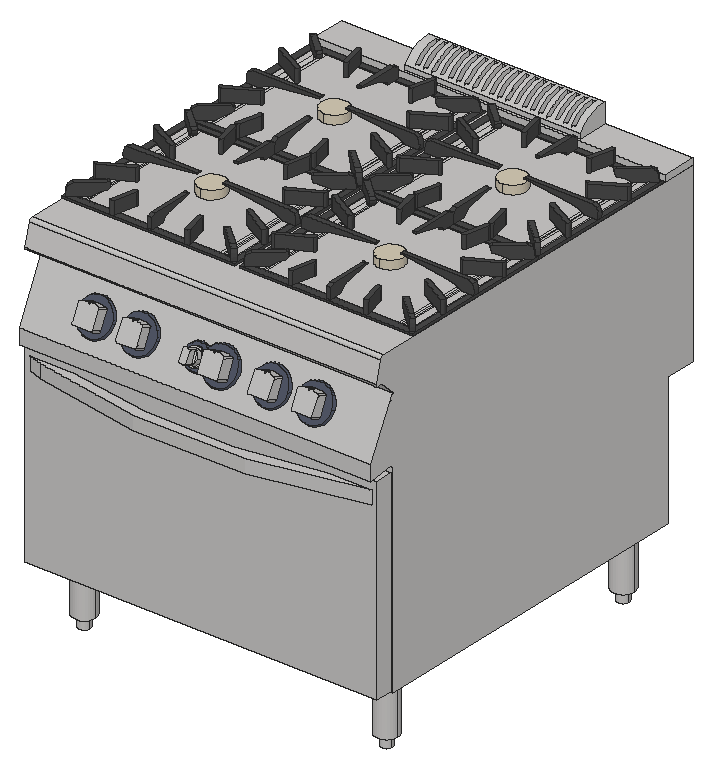
Revit family "QF_ZANUSSI_392004_Z9GCGH4SGL", category Specialty Equipment, Revit 2018 (continued)
Automatic sketch dimensions
  Blend 11 sketch curve to plane 21 = 79.075 mm  (x2)
  Extrusion 12 sketch curve to plane 21 = 56.075 mm
  Extrusion 12 sketch curve to Extrusion 12 sketch curve = 2.997 mm  (x3)
  Extrusion 12 sketch curve to Extrusion 12 sketch curve = 20.003 mm  (x2)
  Extrusion 12 sketch curve to Extrusion 12 sketch curve = 40.005 mm
  Extrusion 12 sketch curve to Extrusion 12 sketch curve = 5.399 mm
  Extrusion 12 sketch curve to Extrusion 12 sketch curve = 40.037 mm
  Extrusion 12 sketch curve to Extrusion 12 sketch curve = 0 mm  (x2)
  Extrusion 14 sketch curve to plane 21 = 61.575 mm
  Extrusion 14 sketch curve to Extrusion 14 sketch curve = 35 mm  (x2)
  Split face 2 sketch curve to Split face 2 sketch curve = 6 mm
  Split face 2 sketch curve to Split face 2 sketch curve = 10 mm
  Split face 3 sketch curve to Split face 3 sketch curve = 5 mm
  Split face 3 sketch curve to Split face 3 sketch curve = 9 mm
  Split face 6 sketch curve to Split face 6 sketch curve = 5 mm
  Split face 7 sketch curve to Split face 7 sketch curve = 5 mm
  Blend 15 sketch curve to plane 7 "Center Y" = 150.05 mm  (x2)
  Extrusion 16 sketch curve to plane 21 = 156.075 mm
  Extrusion 16 sketch curve to Extrusion 16 sketch curve = 2.997 mm  (x3)
  Extrusion 16 sketch curve to Extrusion 16 sketch curve = 20.003 mm  (x2)
  Extrusion 16 sketch curve to Extrusion 16 sketch curve = 40.005 mm
  Extrusion 16 sketch curve to Extrusion 16 sketch curve = 5.399 mm
  Extrusion 16 sketch curve to Extrusion 16 sketch curve = 40.037 mm
  Extrusion 16 sketch curve to Extrusion 16 sketch curve = 0 mm  (x2)
  Extrusion 17 sketch curve to plane 21 = 161.575 mm
  Extrusion 17 sketch curve to Extrusion 17 sketch curve = 35 mm  (x2)
  Split face 9 sketch curve to Split face 9 sketch curve = 6 mm
  Split face 9 sketch curve to Split face 9 sketch curve = 10 mm
  Split face 10 sketch curve to Split face 10 sketch curve = 5 mm
  Split face 10 sketch curve to Split face 10 sketch curve = 9 mm
  Split face 11 sketch curve to Split face 11 sketch curve = 5 mm
  Split face 12 sketch curve to Split face 12 sketch curve = 5 mm
  plane 5 "FRONT" to Extrusion 10 sketch curve = 0 mm  (x2)
  plane 1 "BACK" to Extrusion 10 sketch curve = 0 mm
  Extrusion 10 sketch curve to plane 3 "LEFT" = 0 mm
  Extrusion 10 sketch curve to plane 4 "RIGHT" = 0 mm
  Extrusion 10 sketch curve to plane 3 "LEFT" = 100.013 mm
  Extrusion 10 sketch curve to Extrusion 10 sketch curve = 100.013 mm
  Extrusion 10 sketch curve to plane 1 "BACK" = 100.013 mm
  plane 5 "FRONT" to curve 1 = 0 mm
  curve 169 to plane 3 "LEFT" = 0 mm
  curve 97 to plane 20 = 0 mm
  plane 5 "FRONT" to curve 186 = 0 mm
  plane 5 "FRONT" to curve 187 = 0 mm
  plane 5 "FRONT" to curve 188 = 0 mm
  plane 5 "FRONT" to curve 189 = 0 mm
  plane 5 "FRONT" to curve 190 = 0 mm
  plane 5 "FRONT" to curve 191 = 0 mm
  plane 5 "FRONT" to curve 192 = 0 mm
  plane 17 to curve 10 = 0 mm
  curve 5 to plane 4 "RIGHT" = 0 mm
  curve 2 to plane 3 "LEFT" = 100.013 mm
  plane 5 "FRONT" to curve 94 = 9.347 mm
  curve 94 to plane 21 = 56.075 mm
  curve 95 to curve 95 = 0.809 mm
  curve 98 to curve 98 = 1.583 mm
  curve 95 to curve 96 = 1.846 mm
  curve 95 to curve 109 = 2.189 mm
  curve 94 to curve 97 = 11.892 mm
  curve 100 to plane 20 = 5.671 mm
  curve 98 to curve 100 = 20.417 mm
  curve 99 to plane 21 = 78.206 mm
  curve 99 to curve 108 = 1.738 mm
  curve 100 to curve 101 = 2 mm
  curve 97 to curve 106 = 22.215 mm
  curve 101 to curve 109 = 19.003 mm
  curve 109 to curve 105 = 0.343 mm
  curve 105 to curve 107 = 1.071 mm
  curve 109 to curve 104 = 2.189 mm
  curve 104 to curve 103 = 0.809 mm
  plane 11 to curve 12 = 11.113 mm
  curve 12 to plane 21 = 129.075 mm
  plane 1 "BACK" to curve 93 = 6.761 mm
  curve 11 to curve 93 = 20.698 mm
  plane 5 "FRONT" to curve 110 = 9.347 mm
  curve 103 to curve 110 = 54 mm
  curve 111 to curve 111 = 0.809 mm
  curve 114 to curve 114 = 1.583 mm
  curve 111 to curve 112 = 1.846 mm
  curve 91 to curve 91 = 9.296 mm
  curve 111 to curve 125 = 2.189 mm
  curve 110 to curve 113 = 11.892 mm
  curve 90 to curve 89 = 9.397 mm
  curve 87 to curve 87 = 9.296 mm
  curve 117 to plane 20 = 5.671 mm
  curve 114 to curve 117 = 20.417 mm
  curve 112 to curve 115 = 19.134 mm
  curve 115 to curve 124 = 1.738 mm
  curve 116 to curve 117 = 2 mm
  curve 86 to curve 85 = 9.397 mm
  curve 113 to curve 122 = 22.215 mm
  curve 84 to curve 85 = 9.296 mm
  curve 117 to curve 125 = 19.003 mm
  curve 125 to curve 121 = 0.343 mm
  curve 121 to curve 123 = 1.071 mm
  curve 125 to curve 120 = 2.189 mm
  curve 120 to curve 119 = 0.809 mm
  curve 82 to curve 79 = 9.397 mm
  curve 80 to curve 78 = 9.296 mm
  curve 78 to curve 75 = 9.397 mm
  curve 76 to curve 74 = 9.296 mm
  curve 74 to curve 71 = 9.397 mm
  curve 72 to curve 70 = 9.296 mm
  curve 70 to curve 68 = 9.397 mm
  curve 67 to curve 67 = 9.296 mm
  curve 66 to curve 63 = 9.397 mm
  curve 63 to curve 63 = 9.296 mm
  curve 62 to curve 59 = 9.397 mm
  curve 167 to plane 20 = 1.14 mm
  curve 167 to plane 7 "Center Y" = 29.723 mm
  curve 60 to curve 61 = 9.296 mm
  curve 58 to curve 56 = 9.397 mm
  curve 168 to plane 20 = 1.14 mm
  curve 168 to plane 7 "Center Y" = 10.379 mm
  curve 57 to plane 7 "Center Y" = 1.823 mm
  plane 7 "Center Y" to curve 52 = 7.574 mm
  plane 7 "Center Y" to curve 126 = 11.95 mm
  curve 126 to curve 127 = 0.809 mm
  curve 130 to curve 130 = 1.583 mm
  curve 127 to curve 128 = 1.846 mm
  curve 127 to curve 141 = 2.189 mm
  curve 52 to curve 53 = 9.296 mm
  plane 7 "Center Y" to curve 129 = 23.842 mm
  curve 50 to curve 47 = 9.397 mm
  curve 133 to plane 20 = 5.671 mm
  curve 130 to curve 133 = 20.417 mm
  plane 7 "Center Y" to curve 131 = 34.081 mm
  curve 47 to curve 46 = 9.296 mm
  curve 131 to curve 140 = 1.738 mm
  curve 132 to curve 133 = 2 mm
  curve 46 to curve 45 = 9.397 mm
  curve 129 to curve 138 = 22.215 mm
  curve 43 to curve 42 = 9.296 mm
  curve 133 to curve 141 = 19.003 mm
  curve 137 to curve 137 = 0.343 mm
  curve 137 to curve 139 = 1.071 mm
  curve 141 to curve 136 = 2.189 mm
  curve 136 to curve 135 = 0.809 mm
  curve 42 to curve 41 = 9.397 mm
  curve 40 to curve 38 = 9.296 mm
  curve 38 to curve 36 = 9.397 mm
  curve 35 to curve 34 = 9.296 mm
  curve 34 to curve 33 = 9.397 mm
  curve 32 to curve 30 = 9.296 mm
  curve 30 to curve 28 = 9.397 mm
  plane 5 "FRONT" to curve 170 = 9.347 mm
  curve 135 to curve 170 = 69.1 mm
  curve 170 to curve 171 = 0.809 mm
  curve 174 to curve 174 = 1.583 mm
  curve 27 to curve 27 = 9.296 mm
  curve 171 to curve 172 = 1.846 mm
  curve 171 to curve 185 = 2.189 mm
  curve 26 to curve 24 = 9.397 mm
  curve 170 to curve 173 = 11.892 mm
  curve 23 to curve 23 = 9.296 mm
  curve 176 to plane 20 = 5.671 mm
  curve 174 to curve 176 = 20.417 mm
  curve 172 to curve 175 = 19.134 mm
  curve 175 to curve 184 = 1.738 mm
  curve 176 to curve 177 = 2 mm
  curve 22 to curve 19 = 9.397 mm
  curve 173 to curve 182 = 22.215 mm
  curve 20 to curve 21 = 9.296 mm
  curve 177 to curve 185 = 19.003 mm
  curve 185 to curve 181 = 0.343 mm
  curve 181 to curve 183 = 1.071 mm
  curve 185 to curve 180 = 2.189 mm
  curve 180 to curve 179 = 0.809 mm
  curve 18 to curve 16 = 9.397 mm
  curve 16 to curve 14 = 9.296 mm
  curve 14 to curve 12 = 14.847 mm
  plane 5 "FRONT" to curve 142 = 9.347 mm
  curve 179 to curve 142 = 53.897 mm
  curve 142 to curve 143 = 0.809 mm
  curve 146 to curve 146 = 1.583 mm
  curve 143 to curve 144 = 1.846 mm
  curve 143 to curve 157 = 2.189 mm
  curve 142 to curve 145 = 11.892 mm
  curve 148 to plane 20 = 5.671 mm
  curve 146 to curve 148 = 20.417 mm
  curve 157 to curve 147 = 19.134 mm
  curve 147 to curve 156 = 1.738 mm
  curve 148 to curve 150 = 2 mm
  curve 145 to curve 154 = 22.215 mm
  curve 149 to curve 157 = 19.003 mm
  curve 153 to curve 153 = 0.343 mm
  curve 153 to curve 155 = 1.071 mm
  curve 157 to curve 152 = 2.189 mm
  curve 152 to curve 151 = 0.809 mm
  plane 4 "RIGHT" to curve 10 = 0.1 mm
  curve 2 to plane 4 "RIGHT" = 100.013 mm
  curve 156 to curve 143 = 88.173 mm
  curve 147 to curve 156 = 0 mm
  curve 124 to curve 111 = 88.173 mm
  plane 5 "FRONT" to curve 140 = 97.519 mm
  curve 131 to curve 140 = 0 mm
  curve 115 to curve 124 = 0 mm
  curve 99 to curve 95 = 88.173 mm
  curve 184 to curve 171 = 88.173 mm
  curve 99 to curve 108 = 0 mm
  curve 175 to curve 184 = 0 mm
  plane 5 "FRONT" to curve 109 = 10.68 mm
  plane 5 "FRONT" to curve 141 = 10.68 mm
  curve 125 to curve 111 = 1.333 mm
  plane 5 "FRONT" to curve 185 = 10.68 mm
  plane 5 "FRONT" to curve 157 = 10.68 mm
  curve 157 to curve 151 = 1.333 mm
  curve 125 to curve 119 = 1.333 mm
  curve 185 to curve 179 = 1.333 mm
  curve 141 to curve 136 = 1.333 mm
  curve 141 to curve 127 = 1.333 mm
  curve 109 to curve 104 = 1.333 mm
  curve 127 to curve 128 = 2.779 mm
  curve 136 to curve 137 = 2.779 mm
  curve 143 to curve 144 = 2.779 mm
  curve 152 to curve 153 = 2.779 mm
  curve 171 to curve 172 = 2.779 mm
  curve 111 to curve 112 = 2.779 mm
  curve 180 to curve 181 = 2.779 mm
  curve 95 to curve 96 = 2.779 mm
  curve 104 to curve 105 = 2.779 mm
  curve 120 to curve 121 = 2.779 mm
  curve 123 to plane 20 = 7.106 mm
  curve 130 to plane 20 = 7.106 mm
  curve 183 to plane 20 = 7.106 mm
  curve 139 to plane 20 = 7.106 mm
  curve 114 to plane 20 = 7.106 mm
  curve 98 to plane 20 = 7.106 mm
  curve 107 to plane 20 = 7.106 mm
  curve 146 to plane 20 = 7.106 mm
  curve 155 to plane 20 = 7.106 mm
  curve 174 to plane 20 = 7.106 mm
  plane 20 to curve 145 = 36.239 mm
  plane 20 to curve 122 = 36.239 mm
  plane 20 to curve 106 = 36.239 mm
  curve 145 to curve 154 = 0 mm
  curve 113 to curve 122 = 0 mm
  plane 20 to curve 182 = 36.239 mm
  curve 97 to curve 106 = 0 mm
  plane 20 to curve 129 = 36.239 mm
  curve 173 to curve 182 = 0 mm
  curve 129 to curve 138 = 0 mm
  plane 11 to curve 70 = 17.052 mm
  plane 11 to curve 55 = 17.052 mm
  plane 11 to curve 82 = 17.052 mm
  plane 11 to curve 43 = 17.052 mm
  curve 58 to curve 55 = 0 mm
  curve 82 to curve 80 = 0 mm
  curve 42 to curve 40 = 0 mm
  curve 12 to curve 14 = 5.939 mm
  curve 62 to curve 59 = 0 mm
  plane 11 to curve 92 = 17.052 mm
  curve 38 to curve 36 = 0 mm
  curve 18 to curve 15 = 0 mm
  curve 78 to curve 76 = 0 mm
  curve 46 to curve 43 = 0 mm
  curve 54 to curve 52 = 0 mm
  curve 34 to curve 32 = 0 mm
  curve 66 to curve 63 = 0 mm
  curve 22 to curve 19 = 0 mm
  curve 90 to curve 88 = 0 mm
  curve 30 to curve 28 = 0 mm
  plane 1 "BACK" to curve 70 = 6.761 mm
  plane 1 "BACK" to curve 26 = 6.761 mm
  plane 1 "BACK" to curve 69 = 6.761 mm
  plane 1 "BACK" to curve 49 = 6.761 mm
  plane 1 "BACK" to curve 86 = 6.761 mm
  plane 1 "BACK" to curve 25 = 6.761 mm
  plane 1 "BACK" to curve 30 = 6.761 mm
  plane 1 "BACK" to curve 50 = 6.761 mm
  plane 1 "BACK" to curve 65 = 6.761 mm
  plane 1 "BACK" to curve 74 = 6.761 mm
  plane 1 "BACK" to curve 21 = 6.761 mm
  plane 1 "BACK" to curve 45 = 6.761 mm
  plane 1 "BACK" to curve 17 = 6.761 mm
  plane 1 "BACK" to curve 78 = 6.761 mm
  plane 1 "BACK" to curve 85 = 6.761 mm
  plane 1 "BACK" to curve 36 = 6.761 mm
  plane 1 "BACK" to curve 61 = 6.761 mm
  plane 1 "BACK" to curve 38 = 6.761 mm
  plane 1 "BACK" to curve 57 = 6.761 mm
  curve 1 to plane 1 "BACK" = 100.013 mm
  curve 97 to curve 94 = 9.809 mm
  curve 99 to curve 98 = 0.284 mm
  curve 107 to curve 107 = 0.284 mm
  curve 103 to curve 106 = 9.809 mm
  curve 113 to curve 110 = 9.809 mm
  curve 114 to curve 114 = 0.284 mm
  curve 123 to curve 124 = 0.284 mm
  curve 119 to curve 122 = 9.809 mm
  curve 167 to curve 167 = 1.229 mm
  curve 167 to curve 188 = 1.675 mm
  curve 167 to plane 20 = 1.224 mm
  curve 189 to plane 7 "Center Y" = 12.097 mm
  curve 168 to curve 168 = 1.675 mm
  curve 168 to curve 168 = 0.445 mm
  plane 7 "Center Y" to curve 129 = 2.141 mm
  curve 131 to curve 130 = 0.284 mm
  curve 139 to curve 139 = 0.284 mm
  curve 135 to curve 138 = 9.809 mm
  curve 173 to curve 170 = 9.809 mm
  curve 175 to curve 174 = 0.284 mm
  curve 183 to curve 183 = 0.284 mm
  curve 179 to curve 182 = 9.809 mm
  curve 145 to curve 142 = 9.809 mm
  curve 147 to curve 146 = 0.284 mm
  curve 155 to curve 155 = 0.284 mm
  curve 151 to curve 154 = 9.809 mm
  curve 3 to plane 5 "FRONT" = 0.396 mm
  curve 10 to plane 5 "FRONT" = 1.275 mm
  curve 107 to curve 107 = 0.567 mm
  curve 183 to curve 183 = 0.567 mm
  curve 174 to curve 174 = 0.567 mm
  curve 98 to curve 98 = 0.567 mm
  curve 114 to curve 114 = 0.567 mm
  curve 139 to curve 139 = 0.567 mm
  curve 123 to curve 123 = 0.567 mm
  curve 155 to curve 155 = 0.567 mm
  curve 146 to curve 146 = 0.567 mm
  curve 130 to curve 130 = 0.567 mm
  plane 11 to curve 7 = 4.762 mm
  curve 13 to curve 12 = 3.676 mm
  Extrusion 33 sketch curve to plane 20 = 0 mm
  Extrusion 33 sketch curve to plane 17 = 0.028 mm
  plane 9 to Extrusion 33 sketch curve = 6.461 mm
  plane 20 to Extrusion 33 sketch curve = 36.025 mm
  plane 9 to Extrusion 33 sketch curve = 5 mm
  Extrusion 34 sketch curve to Extrusion 34 sketch curve = 0 mm  (x6)
  Extrusion 34 sketch curve to plane 20 = 0 mm  (x2)
  plane 4 "RIGHT" to Extrusion 34 sketch curve = 10.1 mm
  Extrusion 34 sketch curve to plane 19 = 47.705 mm
  Extrusion 34 sketch curve to plane 7 "Center Y" = 0.05 mm
  Extrusion 34 sketch curve to plane 1 "BACK" = 337.5 mm
  Extrusion 34 sketch curve to plane 5 "FRONT" = 4.65 mm
  curve 193 to plane 1 "BACK" = 337.5 mm
  curve 193 to plane 13 = 5.252 mm
  curve 193 to curve 194 = 0 mm  (x2)
  curve 194 to plane 7 "Center Y" = 0.05 mm
  curve 111 to curve 194 = 1.161 mm
  curve 112 to curve 195 = 16.272 mm
  curve 179 to curve 196 = 1.175 mm
  Extrusion 1 sketch curve to plane 5 "FRONT" = 0 mm
  Extrusion 1 sketch curve to plane 20 = 0 mm
  Extrusion 1 sketch curve to plane 1 "BACK" = 0 mm
  plane 20 to Extrusion 1 sketch curve = 0.116 mm
  plane 20 to Extrusion 1 sketch curve = 3 mm
  plane 20 to Extrusion 1 sketch curve = 13.167 mm
  Extrusion 1 sketch curve to Extrusion 1 sketch curve = 10.198 mm
  Extrusion 1 sketch curve to plane 12 = 0.775 mm
  Extrusion 1 sketch curve to Extrusion 1 sketch curve = 7.474 mm
  plane 20 to Extrusion 1 sketch curve = 40 mm
  Extrusion 1 sketch curve to Extrusion 1 sketch curve = 1.355 mm
  Extrusion 1 sketch curve to Extrusion 1 sketch curve = 0.445 mm
  Extrusion 1 sketch curve to Extrusion 1 sketch curve = 5 mm
  Extrusion 1 sketch curve to Extrusion 1 sketch curve = 31.82 mm  (x2)
  plane 9 to Extrusion 1 sketch curve = 5 mm
  Extrusion 1 sketch curve to Extrusion 1 sketch curve = 242.526 mm
  Extrusion 1 sketch curve to Extrusion 1 sketch curve = 5.508 mm
  Extrusion 1 sketch curve to Extrusion 1 sketch curve = 10.259 mm
  Extrusion 1 sketch curve to Extrusion 1 sketch curve = 35 mm
  Extrusion 1 sketch curve to Extrusion 1 sketch curve = 81.162 mm
  Extrusion 1 sketch curve to Extrusion 1 sketch curve = 3 mm
  plane 11 to Extrusion 1 sketch curve = 9.963 mm
  plane 9 to Extrusion 1 sketch curve = 300 mm
  Extrusion 1 sketch curve to plane 9 = 0 mm
  curve 193 to curve 195 = 0 mm  (x2)
  curve 193 to curve 196 = 0 mm  (x2)
  radius of Blend 19 sketch curve = 42.5 mm
  radius of Blend 19 sketch curve = 40.5 mm
  radius of Split face 17 sketch curve = 3 mm
  radius of Split face 20 sketch curve = 1.5 mm
  radius of Split face 21 sketch curve = 3.497 mm
  radius of Split face 24 sketch curve = 2.029 mm
  radius of Blend 23 sketch curve = 42.5 mm
  radius of Blend 23 sketch curve = 40.5 mm
  radius of Split face 29 sketch curve = 2.029 mm
  radius of Split face 30 sketch curve = 3 mm
  radius of Split face 31 sketch curve = 1.5 mm
  radius of Split face 32 sketch curve = 3.497 mm
  radius of Extrusion 28 sketch curve = 20 mm
  radius of Split face 33 sketch curve = 1 mm
  radius of Split face 34 sketch curve = 1 mm
  radius of Split face 35 sketch curve = 1 mm
  radius of Split face 36 sketch curve = 1 mm
  radius of Split face 37 sketch curve = 1 mm
  radius of Split face 38 sketch curve = 1 mm
  radius of Split face 39 sketch curve = 1 mm
  radius of Split face 40 sketch curve = 1 mm
  radius of Split face 41 sketch curve = 1 mm
  radius of Split face 42 sketch curve = 1 mm
  radius of Split face 43 sketch curve = 1 mm
  radius of Split face 44 sketch curve = 1 mm
  radius of Split face 45 sketch curve = 1 mm
  radius of Split face 46 sketch curve = 1 mm
  radius of Split face 47 sketch curve = 1 mm
  radius of Split face 48 sketch curve = 1 mm
  radius of Split face 49 sketch curve = 1 mm
  radius of Split face 50 sketch curve = 1 mm
  radius of Split face 51 sketch curve = 1 mm
  radius of Split face 52 sketch curve = 1 mm
  radius of Split face 53 sketch curve = 1 mm
  radius of Split face 54 sketch curve = 1 mm
  radius of Split face 55 sketch curve = 1 mm
  radius of Split face 56 sketch curve = 1 mm
  radius of Split face 57 sketch curve = 1.508 mm
  radius of Split face 58 sketch curve = 1.343 mm
  radius of Extrusion 31 sketch curve = 16 mm
  radius of Blend 11 sketch curve = 42.5 mm
  radius of Blend 11 sketch curve = 40.5 mm
  radius of Split face 1 sketch curve = 3 mm
  radius of Split face 4 sketch curve = 1.5 mm
  radius of Split face 5 sketch curve = 3.497 mm
  radius of Split face 8 sketch curve = 2.029 mm
  radius of Blend 15 sketch curve = 42.5 mm
  radius of Blend 15 sketch curve = 40.5 mm
  radius of Split face 13 sketch curve = 2.029 mm
  radius of Split face 14 sketch curve = 3 mm
  radius of Split face 15 sketch curve = 1.5 mm
  radius of Split face 16 sketch curve = 3.497 mm
  radius of Extrusion 9 sketch curve = 6.4 mm  (x2)
Nested families
  nested 1: "QF_392004_BURNER" at (393.7, -440.481, 0) x (-1, 0, 0) z (0, 0, 1), type "QF_392004_BURNER"
    with Type Mark "", Status "", Specification by User "", Revision Code "", Item Number "", Installed By "", Identify Quantity as Lot yes, Furnished By "", Foodservice Equipment Identifier yes
  nested 2: "QF_392004_BURNER" at (393.7, -440.481, 0) x (-1, 0, 0) z (0, 0, 1), type "QF_392004_BURNER"
    with Type Mark "", Status "", Specification by User "", Revision Code "", Item Number "", Installed By "", Identify Quantity as Lot yes, Furnished By "", Foodservice Equipment Identifier yes
  nested 3: "QF_392004_BURNER" at (406.4, -440.481, 0), type "QF_392004_BURNER"
    with Type Mark "", Status "", Specification by User "", Revision Code "", Item Number "", Installed By "", Identify Quantity as Lot yes, Furnished By "", Foodservice Equipment Identifier yes
  nested 4: "QF_392004_BURNER" at (406.4, -440.481, 0), type "QF_392004_BURNER"
    with Type Mark "", Status "", Specification by User "", Revision Code "", Item Number "", Installed By "", Identify Quantity as Lot yes, Furnished By "", Foodservice Equipment Identifier yes
Connectors
  piping at (749.3, -665.163, 128.587), diameter 12.8
    settings: on Extrusion 9, index 1, connector inside diameter 0.50394", connector length 0 mm, flow factor 0, pipe flow 0 GPM, pressure drop 0.00 psi, fitting loss kfactor 0, connector angle 0.00°, fixture units 0, engagement length 0 mm, angle of deflection 0.00°, flow configuration 1, flow direction 1, fitting loss method 0, system type 7, joint type 0, gender type 0, connector reference index -1, connector utility 0, adjustable connector no, is connector primary yes, connector description "GAS CONNECTION"
Definition of nested family "QF_392004_BURNER"
  Parameters
    Weight in Pounds = 0
    URL Cutsheet = ""
    URL = "www.electrolux.com"
    Type Mark [instance] = ""
    Status [instance] = ""
    Specification by User [instance] = ""
    Specification by Manufacturer = ""
    Show Clearance [instance] = yes
    Serial Number = ""
    Seismic Rating = ""
    SMACNA No = ""
    Revision Code [instance] = ""
    Omniclass Number and Title = ""
    NAFEM Spec ID Number = ""
    Model = "371009"
    Masterspec = ""
    Manufacturer = "ELECTROLUX"
    Item Number [instance] = ""
    Installed By [instance] = ""
    Identify Quantity as Lot [instance] = yes
    Furnished By [instance] = ""
    Foodservice Equipment Identifier [instance] = yes
    Description = ""
    CSI MasterFormat = ""
    CSI Master Format = ""
  Reference planes
    plane 1 "BACK": y = 0
    plane 2: z = 0
    plane 3 "LEFT": x = 0
    plane 4 "RIGHT": x = 393.7
    plane 5 "FRONT": y = -355.6
    plane 6 "TOP": z = 908.85
    plane 7 "Center Y": x = 196.85
    plane 8 "Center X": y = -177.8
    plane 9 "Base": z = 150
    plane 10: z = 850.85
  Forms (mm)
    Extrusion 1, solid
      sketch origin (-6.433, -404.961, 5) x (1, 0, 0) y (0, 0, -1)
        loop
          arc (7.142, -850.85) -> (6.739, -862.989) -> (9.761, -874.752) r 42.809
          line (9.761, -874.752) -> (19.961, -879.425) -> (173.122, -879.425)
          arc (173.122, -879.425) -> (174.316, -878.312) -> (173.289, -877.043) r 1.197
          line (173.289, -877.043) -> (64.848, -864.021)
          arc (64.848, -864.021) -> (50.111, -858.738) -> (36.589, -850.85) r 85.245
          line (36.589, -850.85) -> (7.142, -850.85)
        loop
          line (399.424, -850.85) -> (369.977, -850.85)
          arc (369.977, -850.85) -> (356.455, -858.738) -> (341.718, -864.021) r 85.245
          line (341.718, -864.021) -> (233.277, -877.043)
          arc (233.277, -877.043) -> (232.25, -878.312) -> (233.444, -879.425) r 1.197
          line (233.444, -879.425) -> (386.605, -879.425) -> (396.806, -874.752)
          arc (396.806, -874.752) -> (399.827, -862.989) -> (399.424, -850.85) r 42.809
      from 224.564 to 234.564
    Extrusion 2, solid
      sketch origin (196.85, 175.397, 1219.2) x (0, 1, 0) y (0, 0, 1)
        loop
          line (-204.463, -363.35) -> (-175.397, -363.35) -> (-175.397, -339.506)
          arc (-175.397, -339.506) -> (-181.025, -338.266) -> (-185.611, -334.775) r 13.39
          line (-185.611, -334.775) -> (-278.903, -334.775)
          arc (-278.903, -334.775) -> (-280.097, -335.888) -> (-279.07, -337.157) r 1.197
          line (-279.07, -337.157) -> (-227.151, -347.464)
          arc (-227.151, -347.464) -> (-213.741, -352.457) -> (-204.463, -363.35) r 28.426
        loop
          arc (-496.332, -363.35) -> (-487.053, -352.457) -> (-473.644, -347.464) r 28.426
          line (-473.644, -347.464) -> (-421.725, -337.157)
          arc (-421.725, -337.157) -> (-420.697, -335.888) -> (-421.891, -334.775) r 1.197
          line (-421.891, -334.775) -> (-515.184, -334.775)
          arc (-515.184, -334.775) -> (-519.769, -338.266) -> (-525.397, -339.506) r 13.39
          line (-525.397, -339.506) -> (-525.397, -363.35) -> (-496.332, -363.35)
      from -5 to 5
    Extrusion 3, solid
      sketch origin (-6.433, 367.064, 850.85) x (0, -1, 0) y (1, 0, 0)
        loop
          line (722.664, 6.433) -> (722.664, 400.133) -> (367.064, 400.133) -> (367.064, 6.433) -> (722.664, 6.433)
        loop
          line (382.064, 21.433) -> (707.664, 21.433) -> (707.664, 385.133) -> (382.064, 385.133) -> (382.064, 21.433)
      from 0 to 5
    Extrusion 4, solid
      sketch origin (-18.933, 367.064, 855.85) x (0, -1, 0) y (1, 0, 0)
        loop
          circle (541.667, 215.783) r 30
      from -1.321 to 17.134
    Extrusion 5, solid
      sketch origin (-6.433, -367.064, 0) x (1, 0, 0) y (0, 0, -1)
        loop
          line (21.433, -855.85) -> (36.589, -855.85)
          arc (36.589, -855.85) -> (40.561, -855.243) -> (44.305, -853.783) r 18.259
          arc (44.305, -853.783) -> (45.997, -853.366) -> (47.69, -853.783) r 3.649
          arc (47.69, -853.783) -> (49.901, -854.522) -> (52.232, -854.529) r 7.328
          line (52.232, -854.529) -> (354.334, -854.529)
          arc (354.334, -854.529) -> (356.666, -854.522) -> (358.877, -853.783) r 7.328
          arc (358.877, -853.783) -> (360.569, -853.366) -> (362.261, -853.783) r 3.649
          arc (362.261, -853.783) -> (366.005, -855.243) -> (369.977, -855.85) r 18.259
          line (369.977, -855.85) -> (385.133, -855.85) -> (385.133, -850.85) -> (21.433, -850.85) -> (21.433, -855.85)
      from 26.464 to 352.064
    Extrusion 6, solid
      sketch origin (83.284, -458.334, 5) x (0.742103, 0.670286, 0) y (0, 0, -1)
        loop
          arc (88.629, -864.012) -> (73.909, -858.731) -> (60.402, -850.85) r 85.245
          line (60.402, -850.85) -> (14.993, -850.85)
          arc (14.993, -850.85) -> (14.642, -862.948) -> (17.686, -874.663) r 42.876
          line (17.686, -874.663) -> (27.899, -879.425) -> (89.664, -879.425)
          arc (89.664, -879.425) -> (92.39, -878.352) -> (93.654, -875.709) r 4
          arc (93.654, -875.709) -> (92.562, -869.25) -> (88.629, -864.012) r 13.87
        loop
          arc (457.638, -864.012) -> (453.704, -869.25) -> (452.613, -875.709) r 13.87
          arc (452.613, -875.709) -> (453.876, -878.352) -> (456.603, -879.425) r 4
          line (456.603, -879.425) -> (518.367, -879.425) -> (528.581, -874.663)
          arc (528.581, -874.663) -> (531.624, -862.948) -> (531.273, -850.85) r 42.876
          line (531.273, -850.85) -> (485.865, -850.85)
          arc (485.865, -850.85) -> (472.357, -858.731) -> (457.638, -864.012) r 85.245
      from 127.064 to 137.064
    Extrusion 7, solid
      sketch origin (310.416, -458.334, 5) x (-0.742103, 0.670286, 0) y (0, 0, 1)
        loop
          arc (88.629, 864.012) -> (92.562, 869.25) -> (93.654, 875.709) r 13.87
          arc (93.654, 875.709) -> (92.39, 878.352) -> (89.664, 879.425) r 4
          line (89.664, 879.425) -> (27.899, 879.425) -> (17.686, 874.663)
          arc (17.686, 874.663) -> (14.642, 862.948) -> (14.993, 850.85) r 42.876
          line (14.993, 850.85) -> (60.402, 850.85)
          arc (60.402, 850.85) -> (73.909, 858.731) -> (88.629, 864.012) r 85.245
        loop
          arc (457.638, 864.012) -> (472.357, 858.731) -> (485.865, 850.85) r 85.245
          line (485.865, 850.85) -> (531.273, 850.85)
          arc (531.273, 850.85) -> (531.624, 862.948) -> (528.581, 874.663) r 42.876
          line (528.581, 874.663) -> (518.367, 879.425) -> (456.603, 879.425)
          arc (456.603, 879.425) -> (453.876, 878.352) -> (452.613, 875.709) r 4
          arc (452.613, 875.709) -> (453.704, 869.25) -> (457.638, 864.012) r 13.87
      from 127.064 to 137.064
    Extrusion 8, solid
      sketch origin (-6.433, 367.064, 855.85) x (0, -1, 0) y (1, 0, 0)
        loop
          arc (626.166, 9.428) -> (632.956, 7.454) -> (634.93, 14.244) r 5
          line (634.93, 14.244) -> (600.514, 76.878)
          arc (600.514, 76.878) -> (593.724, 78.852) -> (591.75, 72.062) r 5
          line (591.75, 72.062) -> (626.166, 9.428)
        loop
          line (463.562, 9.428) -> (497.977, 72.062)
          arc (497.977, 72.062) -> (496.003, 78.852) -> (489.213, 76.878) r 5
          line (489.213, 76.878) -> (454.798, 14.244)
          arc (454.798, 14.244) -> (456.772, 7.454) -> (463.562, 9.428) r 5
        loop
          line (626.166, 397.138) -> (591.75, 334.504)
          arc (591.75, 334.504) -> (593.724, 327.714) -> (600.514, 329.689) r 5
          line (600.514, 329.689) -> (634.93, 392.323)
          arc (634.93, 392.323) -> (632.956, 399.113) -> (626.166, 397.138) r 5
        loop
          arc (463.562, 397.138) -> (456.772, 399.113) -> (454.798, 392.323) r 5
          line (454.798, 392.323) -> (489.213, 329.689)
          arc (489.213, 329.689) -> (496.003, 327.714) -> (497.977, 334.504) r 5
          line (497.977, 334.504) -> (463.562, 397.138)
        loop
          line (715.14, 293.499) -> (666.703, 282.317)
          arc (666.703, 282.317) -> (662.956, 276.32) -> (668.953, 272.573) r 5
          line (668.953, 272.573) -> (717.389, 283.756)
          arc (717.389, 283.756) -> (721.136, 289.752) -> (715.14, 293.499) r 5
        loop
          arc (715.14, 113.067) -> (721.136, 116.814) -> (717.389, 122.811) r 5
          line (717.389, 122.811) -> (668.953, 133.993)
          arc (668.953, 133.993) -> (662.956, 130.246) -> (666.703, 124.249) r 5
          line (666.703, 124.249) -> (715.14, 113.067)
        loop
          arc (374.588, 293.499) -> (368.591, 289.752) -> (372.338, 283.756) r 5
          line (372.338, 283.756) -> (420.775, 272.573)
          arc (420.775, 272.573) -> (426.771, 276.32) -> (423.024, 282.317) r 5
          line (423.024, 282.317) -> (374.588, 293.499)
        loop
          line (374.588, 113.067) -> (423.024, 124.249)
          arc (423.024, 124.249) -> (426.771, 130.246) -> (420.775, 133.993) r 5
          line (420.775, 133.993) -> (372.338, 122.811)
          arc (372.338, 122.811) -> (368.591, 116.814) -> (374.588, 113.067) r 5
      from 0 to 28.575
  Lines and regions (mm)
    symbolic lines
      curve 1: line (0, -355.6, 150) -> (393.7, -355.6, 150)
      curve 2: line (0, 0, 150) -> (0, -355.6, 150)
      curve 3: line (393.7, -355.6, 150) -> (393.7, 0, 150)
      curve 4: line (369.633, -15, 150) -> (285.34, -15, 150)
      curve 5: line (24.067, -340.6, 150) -> (108.36, -340.6, 150)
      curve 6: line (157.475, -170.397, 150) -> (157.475, -15, 150)
      curve 7: line (236.225, -170.397, 150) -> (236.225, -15, 150)
      curve 8: line (201.85, -350, 150) -> (201.85, -176.674, 150)
      curve 9: line (0, -180.397, 150) -> (167.224, -180.397, 150)
      curve 10: line (393.7, -170.397, 150) -> (228.275, -170.397, 150)
      curve 11: line (15, -180.397, 150) -> (15, -252.506, 150)
      curve 12: line (45.799, -340.6, 150) -> (45.799, -320.971, 150)
      curve 13: line (167.224, -170.397, 150) -> (0, -170.397, 150)
      curve 14: line (228.275, -180.504, 150) -> (393.7, -180.504, 150)
      curve 15: arc (228.275, -170.397, 150) -> (223.221, -175.45, 150) -> (228.275, -180.504, 150) r 5.054
      curve 16: arc (167.224, -170.397, 150) -> (172.224, -175.397, 150) -> (167.224, -180.397, 150) r 5
      curve 17: line (191.85, -176.674, 150) -> (191.85, -350, 150)
      curve 18: line (201.85, -134.556, 150) -> (201.85, -0.794, 150)
      curve 19: arc (201.85, -176.674, 150) -> (196.85, -171.674, 150) -> (191.85, -176.674, 150) r 5
      curve 20: arc (201.85, -134.556, 150) -> (196.85, -139.556, 150) -> (191.85, -134.556, 150) r 5
      curve 21: line (191.85, -15, 150) -> (118.623, -15, 150)
      curve 22: arc (201.85, -29.042, 150) -> (213.272, -50.008, 150) -> (201.85, -70.973, 150) r 24.953
      curve 23: arc (213.086, -53.048, 150) -> (214.5, -50.008, 150) -> (213.086, -46.967, 150) r 3.975
      curve 24: arc (191.85, -29.852, 150) -> (181.339, -50.008, 150) -> (191.85, -70.163, 150) r 24.58
      curve 25: arc (181.527, -53.042, 150) -> (179.976, -50.008, 150) -> (181.527, -46.973, 150) r 3.745
      curve 26: line (191.85, -0.794, 150) -> (191.85, -134.556, 150)
      curve 27: line (191.85, -350, 150) -> (201.85, -350, 150)
      curve 28: line (191.85, -11.007, 150) -> (201.85, -11.007, 150)
      curve 29: line (191.85, -0.794, 150) -> (201.85, -0.794, 150)
      curve 30: line (201.85, -340.6, 150) -> (275.077, -340.6, 150)
      curve 31: arc (196.85, -145.397, 0) -> (166.955, -172.888, 0) -> (191.85, -204.977, 0) r 30
      curve 32: arc (201.85, -204.977, 0) -> (226.745, -172.888, 0) -> (196.85, -145.397, 0) r 30
      curve 33: arc (158.678, -180.397, 0) -> (170.734, -200.207, 0) -> (191.85, -209.795, 0) r 39.375
      curve 34: line (163.825, -170.397, 150) -> (163.825, -15, 150)
      curve 35: line (229.875, -170.397, 150) -> (229.875, -15, 150)
      curve 36: line (144.775, -170.397, 150) -> (144.775, -15, 150)
      curve 37: line (248.925, -170.397, 150) -> (248.925, -15, 150)
      curve 38: arc (145.678, -180.397, 0) -> (161.728, -209.187, 0) -> (191.85, -222.573, 0) r 52.075
      curve 39: arc (201.85, -209.795, 0) -> (222.966, -200.207, 0) -> (235.022, -180.397, 0) r 39.375
      curve 40: arc (201.85, -222.573, 0) -> (231.931, -209.224, 0) -> (248.001, -180.504, 0) r 52.075
      curve 41: line (393.7, 0, 0) -> (0, 0, 0)
      curve 42: line (70.445, -122.149, 0) -> (7.81, -87.734, 0)
      curve 43: arc (7.81, -87.734, 0) -> (1.021, -89.708, 0) -> (2.995, -96.498, 0) r 5
      curve 44: line (2.995, -96.498, 0) -> (65.629, -130.914, 0)
      curve 45: arc (65.629, -130.914, 0) -> (72.419, -128.939, 0) -> (70.445, -122.149, 0) r 5
      curve 46: line (65.629, -224.686, 0) -> (2.995, -259.102, 0)
      curve 47: arc (2.995, -259.102, 0) -> (1.021, -265.892, 0) -> (7.81, -267.866, 0) r 5
      curve 48: line (7.81, -267.866, 0) -> (70.445, -233.451, 0)
      curve 49: arc (70.445, -233.451, 0) -> (72.419, -226.661, 0) -> (65.629, -224.686, 0) r 5
      curve 50: line (323.255, -122.149, 0) -> (385.89, -87.734, 0)
      curve 51: arc (385.89, -87.734, 0) -> (392.679, -89.708, 0) -> (390.705, -96.498, 0) r 5
      curve 52: line (390.705, -96.498, 0) -> (328.071, -130.914, 0)
      curve 53: arc (328.071, -130.914, 0) -> (321.281, -128.939, 0) -> (323.255, -122.149, 0) r 5
      curve 54: line (328.071, -224.686, 0) -> (390.705, -259.102, 0)
      curve 55: arc (390.705, -259.102, 0) -> (392.679, -265.892, 0) -> (385.89, -267.866, 0) r 5
      curve 56: line (385.89, -267.866, 0) -> (323.255, -233.451, 0)
      curve 57: arc (323.255, -233.451, 0) -> (321.281, -226.661, 0) -> (328.071, -224.686, 0) r 5
      curve 58: line (118.623, -340.6, 150) -> (191.85, -340.6, 150)
      curve 59: line (285.34, -340.6, 150) -> (369.633, -340.6, 150)
      curve 60: line (378.7, -335.314, 0) -> (378.7, -263.916, 0)
      curve 61: line (1.326, -7.935, 0) -> (58.752, -59.804, 0)
      curve 62: line (65.455, -52.383, 0) -> (8.029, -0.514, 0)
      curve 63: arc (58.752, -59.804, 0) -> (65.814, -59.445, 0) -> (65.455, -52.383, 0) r 5
      curve 64: line (1.326, -7.935, 0) -> (8.029, -0.514, 0)
      curve 65: line (392.374, -7.935, 0) -> (334.948, -59.804, 0)
      curve 66: line (328.245, -52.383, 0) -> (385.671, -0.514, 0)
      curve 67: arc (334.948, -59.804, 0) -> (327.886, -59.445, 0) -> (328.245, -52.383, 0) r 5
      curve 68: line (392.374, -7.935, 0) -> (385.671, -0.514, 0)
      curve 69: line (392.374, -347.665, 0) -> (334.948, -295.796, 0)
      curve 70: line (328.245, -303.217, 0) -> (385.671, -355.086, 0)
      curve 71: arc (334.948, -295.796, 0) -> (327.886, -296.155, 0) -> (328.245, -303.217, 0) r 5
      curve 72: line (392.374, -347.665, 0) -> (385.671, -355.086, 0)
      curve 73: line (1.326, -347.665, 0) -> (58.752, -295.796, 0)
      curve 74: line (65.455, -303.217, 0) -> (8.029, -355.086, 0)
      curve 75: arc (58.752, -295.796, 0) -> (65.814, -296.155, 0) -> (65.455, -303.217, 0) r 5
      curve 76: line (1.326, -347.665, 0) -> (8.029, -355.086, 0)
      curve 77: line (347.901, -15, 0) -> (347.901, -34.629, 0)
      curve 78: line (347.901, -320.971, 0) -> (347.901, -340.6, 0)
      curve 79: line (378.7, -252.506, 0) -> (378.7, -180.397, 0)
      curve 80: line (347.901, -246.993, 0) -> (347.901, -307.496, 0)
      curve 81: line (378.7, -170.397, 0) -> (378.7, -103.094, 0)
      curve 82: line (347.901, -180.397, 0) -> (347.901, -235.582, 0)
      curve 83: line (378.7, -91.684, 0) -> (378.7, -20.286, 0)
      curve 84: line (347.901, -120.018, 0) -> (347.901, -170.397, 0)
      curve 85: line (347.901, -48.104, 0) -> (347.901, -108.607, 0)
      curve 86: line (275.077, -15, 150) -> (201.85, -15, 150)
      curve 87: line (108.36, -15, 150) -> (24.067, -15, 150)
      curve 88: line (45.799, -40, 150) -> (45.799, -15, 150)
      curve 89: line (45.799, -108.607, 150) -> (45.799, -40, 150)
      curve 90: line (15, -20.286, 0) -> (15, -91.684, 0)
      curve 91: line (15, -103.094, 0) -> (15, -170.397, 0)
      curve 92: line (45.799, -170.397, 150) -> (45.799, -120.018, 150)
      curve 93: line (45.799, -235.582, 150) -> (45.799, -180.397, 150)
      curve 94: line (15, -263.916, 150) -> (15, -335.314, 150)
      curve 95: line (45.799, -307.496, 150) -> (45.799, -246.993, 150)
      curve 96: line (116.378, -350.325, 0) -> (127.56, -301.889, 0)
      curve 97: arc (127.56, -301.889, 0) -> (123.813, -295.892, 0) -> (117.816, -299.64, 0) r 5
      curve 98: line (117.816, -299.64, 0) -> (106.634, -348.076, 0)
      curve 99: arc (106.634, -348.076, 0) -> (110.381, -354.072, 0) -> (116.378, -350.325, 0) r 5
      curve 100: line (266.14, -301.889, 0) -> (277.322, -350.325, 0)
      curve 101: arc (277.322, -350.325, 0) -> (283.319, -354.072, 0) -> (287.066, -348.076, 0) r 5
      curve 102: line (287.066, -348.076, 0) -> (275.884, -299.64, 0)
      curve 103: arc (275.884, -299.64, 0) -> (269.887, -295.892, 0) -> (266.14, -301.889, 0) r 5
      curve 104: line (275.884, -55.96, 0) -> (287.066, -7.524, 0)
      curve 105: arc (287.066, -7.524, 0) -> (283.319, -1.528, 0) -> (277.322, -5.275, 0) r 5
      curve 106: line (277.322, -5.275, 0) -> (266.14, -53.711, 0)
      curve 107: arc (266.14, -53.711, 0) -> (269.887, -59.708, 0) -> (275.884, -55.96, 0) r 5
      curve 108: line (127.56, -53.711, 0) -> (116.378, -5.275, 0)
      curve 109: arc (116.378, -5.275, 0) -> (110.381, -1.528, 0) -> (106.634, -7.524, 0) r 5
      curve 110: line (106.634, -7.524, 0) -> (117.816, -55.96, 0)
      curve 111: arc (117.816, -55.96, 0) -> (123.813, -59.708, 0) -> (127.56, -53.711, 0) r 5
  Dimensions and locks
    equal spacing: plane 3 "LEFT", plane 7 "Center Y", plane 4 "RIGHT"
    plane 3 "LEFT" to plane 4 "RIGHT" = 393.7 mm
    equal spacing: plane 5 "FRONT", plane 8 "Center X", plane 1 "BACK"
    plane 5 "FRONT" to plane 1 "BACK" = 355.6 mm
    plane 6 "TOP" to level = 908.85 mm
    plane 9 "Base" to level = 150 mm
    plane 6 "TOP" to plane 10 = 58 mm  (x2)
    locked: Extrusion 4 sketch curve to plane 7 "Center Y" at 0
    aligned and locked: level to plane 2
  Automatic sketch dimensions
    curve 10 to plane 4 "RIGHT" = 0 mm
    curve 20 to plane 7 "Center Y" = 0 mm
    curve 19 to plane 7 "Center Y" = 0 mm
    curve 9 to plane 3 "LEFT" = 0 mm
    plane 1 "BACK" to curve 2 = 0 mm
    plane 1 "BACK" to curve 3 = 0 mm
    plane 5 "FRONT" to curve 2 = 0 mm
    curve 4 to plane 4 "RIGHT" = 24.067 mm
    curve 59 to plane 4 "RIGHT" = 24.067 mm
    plane 1 "BACK" to curve 37 = 15 mm
    plane 7 "Center Y" to curve 37 = 52.075 mm
    curve 37 to curve 7 = 12.7 mm
    curve 7 to curve 35 = 6.35 mm
    plane 8 "Center X" to curve 15 = 2.35 mm
    curve 35 to curve 15 = 1.6 mm
    plane 7 "Center Y" to curve 23 = 16.236 mm
    curve 23 to curve 23 = 0 mm
    curve 23 to curve 23 = 2.56 mm
    curve 23 to curve 24 = 4.607 mm
    plane 7 "Center Y" to curve 86 = 5 mm
    plane 7 "Center Y" to curve 27 = 5 mm
    curve 22 to plane 7 "Center Y" = 8.531 mm
    curve 22 to curve 25 = 4.597 mm
    curve 25 to curve 25 = 2.194 mm  (x2)
    curve 9 to plane 8 "Center X" = 2.597 mm
    curve 17 to curve 9 = 24.626 mm
    curve 21 to curve 34 = 28.025 mm
    curve 34 to curve 6 = 6.35 mm
    plane 8 "Center X" to curve 36 = 7.403 mm
    curve 6 to curve 36 = 12.7 mm
    plane 3 "LEFT" to curve 12 = 45.799 mm
    plane 3 "LEFT" to curve 87 = 24.067 mm
    plane 3 "LEFT" to curve 5 = 24.067 mm
    plane 1 "BACK" to curve 26 = 0.794 mm
    curve 28 to curve 86 = 3.993 mm
    curve 28 to curve 21 = 3.993 mm
    curve 86 to curve 22 = 14.042 mm
    curve 22 to curve 24 = 0.81 mm
    curve 22 to curve 23 = 17.925 mm
    curve 25 to curve 22 = 3.035 mm
    plane 8 "Center X" to curve 26 = 43.244 mm
    curve 15 to curve 15 = 5.054 mm
    plane 8 "Center X" to curve 17 = 1.126 mm
    curve 94 to curve 12 = 5.286 mm
    curve 58 to plane 5 "FRONT" = 15 mm
    curve 59 to plane 5 "FRONT" = 15 mm
    curve 8 to plane 5 "FRONT" = 5.6 mm
    plane 3 "LEFT" to Extrusion 1 sketch curve = 0.709 mm
    plane 3 "LEFT" to Extrusion 1 sketch curve = 3.327 mm
    Extrusion 1 sketch curve to Extrusion 1 sketch curve = 10.201 mm
    plane 10 to Extrusion 1 sketch curve = 5 mm  (x2)
    Extrusion 1 sketch curve to Extrusion 1 sketch curve = 29.447 mm
    Extrusion 1 sketch curve to Extrusion 1 sketch curve = 12.704 mm  (x2)
    Extrusion 1 sketch curve to Extrusion 1 sketch curve = 15.555 mm  (x2)
    plane 3 "LEFT" to Extrusion 1 sketch curve = 79.689 mm
    Extrusion 1 sketch curve to plane 7 "Center Y" = 30.161 mm
    Extrusion 1 sketch curve to Extrusion 1 sketch curve = 0.167 mm  (x2)
    plane 7 "Center Y" to Extrusion 1 sketch curve = 29.994 mm
    Extrusion 1 sketch curve to plane 4 "RIGHT" = 79.689 mm
    plane 10 to Extrusion 1 sketch curve = 18.171 mm
    Extrusion 1 sketch curve to plane 4 "RIGHT" = 58.415 mm
    Extrusion 1 sketch curve to plane 4 "RIGHT" = 13.528 mm
    Extrusion 1 sketch curve to plane 4 "RIGHT" = 3.327 mm
    Extrusion 1 sketch curve to plane 4 "RIGHT" = 0.709 mm
    Extrusion 1 sketch curve to Extrusion 1 sketch curve = 23.902 mm  (x2)
    Extrusion 1 sketch curve to plane 6 "TOP" = 26.807 mm  (x2)
    Extrusion 1 sketch curve to Extrusion 1 sketch curve = 1.185 mm  (x2)
    Extrusion 1 sketch curve to Extrusion 1 sketch curve = 5.694 mm
    Extrusion 2 sketch curve to plane 1 "BACK" = 0 mm
    plane 1 "BACK" to Extrusion 2 sketch curve = 10.213 mm
    plane 10 to Extrusion 2 sketch curve = 5 mm  (x2)
    plane 1 "BACK" to Extrusion 2 sketch curve = 29.066 mm
    plane 10 to Extrusion 2 sketch curve = 20.886 mm
    Extrusion 2 sketch curve to Extrusion 2 sketch curve = 22.688 mm  (x2)
    Extrusion 2 sketch curve to plane 10 = 7.392 mm  (x2)
    Extrusion 2 sketch curve to plane 6 "TOP" = 24.425 mm
    Extrusion 2 sketch curve to Extrusion 2 sketch curve = 51.752 mm
    Extrusion 2 sketch curve to plane 6 "TOP" = 26.807 mm  (x2)
    Extrusion 2 sketch curve to Extrusion 2 sketch curve = 0.167 mm  (x2)
    Extrusion 2 sketch curve to plane 8 "Center X" = 68.528 mm
    Extrusion 2 sketch curve to plane 5 "FRONT" = 60.248 mm
    Extrusion 2 sketch curve to Extrusion 2 sketch curve = 2.895 mm
    Extrusion 2 sketch curve to plane 5 "FRONT" = 15.813 mm
    Extrusion 2 sketch curve to plane 5 "FRONT" = 5.6 mm
    Extrusion 2 sketch curve to Extrusion 2 sketch curve = 4.731 mm
    Extrusion 2 sketch curve to Extrusion 2 sketch curve = 23.844 mm
    Extrusion 2 sketch curve to Extrusion 2 sketch curve = 1.185 mm
    plane 1 "BACK" to Extrusion 3 sketch curve = 0 mm
    Extrusion 3 sketch curve to plane 3 "LEFT" = 0 mm
    plane 5 "FRONT" to Extrusion 3 sketch curve = 0 mm
    Extrusion 3 sketch curve to plane 4 "RIGHT" = 0 mm
    plane 1 "BACK" to Extrusion 3 sketch curve = 15 mm
    Extrusion 3 sketch curve to plane 5 "FRONT" = 15 mm
    plane 3 "LEFT" to Extrusion 3 sketch curve = 15 mm
    Extrusion 3 sketch curve to plane 4 "RIGHT" = 15 mm
    Extrusion 3 to Extrusion 4 sketch curve = 159.603 mm
    Extrusion 5 sketch curve to plane 10 = 0 mm
    plane 3 "LEFT" to Extrusion 5 sketch curve = 15 mm
    Extrusion 5 sketch curve to Extrusion 5 sketch curve = 14.402 mm
    plane 10 to Extrusion 5 sketch curve = 5 mm
    Extrusion 5 sketch curve to Extrusion 5 sketch curve = 15.156 mm
    plane 10 to Extrusion 5 sketch curve = 2.933 mm  (x3)
    Extrusion 5 sketch curve to Extrusion 5 sketch curve = 7.716 mm  (x2)
    Extrusion 5 sketch curve to Extrusion 5 sketch curve = 0 mm  (x3)
    Extrusion 5 sketch curve to Extrusion 5 sketch curve = 1.692 mm  (x2)
    Extrusion 5 sketch curve to Extrusion 5 sketch curve = 3.385 mm  (x2)
    Extrusion 5 sketch curve to plane 10 = 3.559 mm  (x2)
    plane 10 to Extrusion 5 sketch curve = 3.679 mm
    Extrusion 5 sketch curve to plane 4 "RIGHT" = 45.799 mm
    Extrusion 5 sketch curve to Extrusion 5 sketch curve = 1.143 mm
    Extrusion 5 sketch curve to plane 10 = 13.244 mm
    Extrusion 5 sketch curve to plane 4 "RIGHT" = 15 mm
    plane 10 to Extrusion 6 sketch curve = 5 mm  (x2)
    Extrusion 6 sketch curve to Extrusion 6 sketch curve = 2.692 mm  (x2)
    Extrusion 6 sketch curve to Extrusion 6 sketch curve = 10.213 mm  (x2)
    plane 10 to Extrusion 6 sketch curve = 12.281 mm
    Extrusion 6 sketch curve to Extrusion 6 sketch curve = 29.348 mm  (x2)
    Extrusion 6 sketch curve to Extrusion 6 sketch curve = 3.155 mm  (x2)
    Extrusion 6 sketch curve to Extrusion 6 sketch curve = 22.572 mm
    Extrusion 6 sketch curve to Extrusion 6 sketch curve = 8.81 mm
    Extrusion 6 sketch curve to Extrusion 6 sketch curve = 9.845 mm  (x2)
    Extrusion 6 sketch curve to Extrusion 6 sketch curve = 3.99 mm  (x2)
    Extrusion 6 sketch curve to Extrusion 6 sketch curve = 0 mm  (x2)
    Extrusion 6 sketch curve to Extrusion 6 sketch curve = 49.533 mm
    Extrusion 6 sketch curve to plane 10 = 64.377 mm
    Extrusion 6 sketch curve to Extrusion 6 sketch curve = 326.397 mm
    Extrusion 6 sketch curve to plane 6 "TOP" = 28.141 mm
    Extrusion 6 sketch curve to Extrusion 6 sketch curve = 16.281 mm
    Extrusion 6 sketch curve to Extrusion 6 sketch curve = 1.035 mm
    Extrusion 6 sketch curve to Extrusion 6 sketch curve = 19.417 mm
    Extrusion 6 sketch curve to Extrusion 6 sketch curve = 4.763 mm  (x2)
    Extrusion 6 sketch curve to Extrusion 6 sketch curve = 3.716 mm
    plane 10 to Extrusion 7 sketch curve = 5 mm  (x2)
    Extrusion 7 sketch curve to Extrusion 7 sketch curve = 2.692 mm  (x2)
    Extrusion 7 sketch curve to Extrusion 7 sketch curve = 10.213 mm  (x2)
    plane 10 to Extrusion 7 sketch curve = 12.281 mm
    Extrusion 7 sketch curve to Extrusion 7 sketch curve = 29.348 mm  (x2)
    Extrusion 7 sketch curve to Extrusion 7 sketch curve = 3.155 mm  (x2)
    Extrusion 7 sketch curve to Extrusion 7 sketch curve = 22.572 mm
    Extrusion 7 sketch curve to Extrusion 7 sketch curve = 8.81 mm
    Extrusion 7 sketch curve to Extrusion 7 sketch curve = 9.845 mm  (x2)
    Extrusion 7 sketch curve to Extrusion 7 sketch curve = 3.99 mm  (x2)
    Extrusion 7 sketch curve to Extrusion 7 sketch curve = 0 mm  (x2)
    Extrusion 7 sketch curve to Extrusion 7 sketch curve = 21.306 mm
    Extrusion 7 sketch curve to plane 10 = 64.377 mm  (x2)
    Extrusion 7 sketch curve to Extrusion 7 sketch curve = 326.397 mm
    Extrusion 7 sketch curve to plane 6 "TOP" = 28.141 mm
    Extrusion 7 sketch curve to Extrusion 7 sketch curve = 16.281 mm
    Extrusion 7 sketch curve to Extrusion 7 sketch curve = 1.035 mm
    Extrusion 7 sketch curve to Extrusion 7 sketch curve = 19.417 mm
    Extrusion 7 sketch curve to Extrusion 7 sketch curve = 7.281 mm
    Extrusion 7 sketch curve to Extrusion 7 sketch curve = 10.713 mm
    curve 58 to curve 12 = 72.824 mm
    curve 30 to curve 30 = 73.227 mm
    curve 58 to curve 5 = 10.263 mm
    curve 5 to curve 58 = 0 mm
    curve 59 to curve 30 = 10.263 mm
    curve 30 to curve 8 = 9.4 mm
    curve 31 to curve 32 = 0 mm
    curve 33 to curve 38 = 0 mm  (x2)
    curve 33 to curve 39 = 0 mm  (x2)
    curve 33 to curve 40 = 0 mm  (x2)
    plane 1 "BACK" to curve 41 = 0 mm
    curve 41 to plane 3 "LEFT" = 0 mm
    curve 31 to plane 7 "Center Y" = 0 mm
    curve 33 to plane 7 "Center Y" = 0 mm
    curve 41 to plane 4 "RIGHT" = 0 mm
    plane 3 "LEFT" to curve 76 = 1.326 mm
    plane 3 "LEFT" to curve 64 = 1.326 mm
    plane 3 "LEFT" to curve 44 = 2.995 mm
    plane 3 "LEFT" to curve 46 = 2.995 mm
    curve 43 to curve 43 = 2.408 mm
    curve 46 to curve 47 = 2.408 mm
    curve 47 to curve 47 = 2.408 mm
    curve 43 to curve 42 = 2.408 mm
    curve 76 to plane 5 "FRONT" = 0.514 mm
    plane 3 "LEFT" to curve 76 = 8.029 mm
    plane 1 "BACK" to curve 62 = 0.514 mm
    plane 3 "LEFT" to curve 62 = 8.029 mm
    curve 48 to curve 75 = 50.941 mm
    curve 43 to curve 63 = 50.941 mm
    curve 75 to curve 75 = 3.351 mm
    curve 63 to curve 63 = 3.351 mm
    plane 1 "BACK" to curve 62 = 52.383 mm
    curve 63 to curve 62 = 3.351 mm
    curve 74 to plane 5 "FRONT" = 52.383 mm
    curve 75 to curve 74 = 3.351 mm
    plane 3 "LEFT" to curve 46 = 65.629 mm
    plane 3 "LEFT" to curve 44 = 65.629 mm
    curve 45 to curve 45 = 2.408 mm
    curve 46 to curve 49 = 2.408 mm
    curve 49 to curve 48 = 2.408 mm
    curve 45 to curve 42 = 2.408 mm
    curve 38 to plane 8 "Center X" = 2.597 mm
    curve 38 to plane 7 "Center Y" = 51.172 mm
    curve 33 to plane 8 "Center X" = 2.597 mm
    curve 38 to curve 33 = 12.999 mm
    curve 33 to plane 7 "Center Y" = 5 mm
    curve 38 to plane 7 "Center Y" = 5 mm
    curve 31 to curve 33 = 0 mm
    plane 7 "Center Y" to curve 32 = 5 mm
    plane 7 "Center Y" to curve 40 = 5 mm
    curve 39 to curve 32 = 0 mm
    curve 39 to plane 8 "Center X" = 2.597 mm
    plane 7 "Center Y" to curve 39 = 38.172 mm
    curve 40 to plane 8 "Center X" = 2.704 mm
    curve 39 to curve 40 = 12.979 mm
    curve 50 to plane 4 "RIGHT" = 70.445 mm
    curve 57 to plane 4 "RIGHT" = 70.445 mm
    curve 50 to curve 53 = 2.408 mm
    curve 57 to curve 57 = 2.408 mm  (x2)
    curve 53 to curve 53 = 2.408 mm
    curve 71 to curve 71 = 3.351 mm
    curve 67 to curve 67 = 3.351 mm
    curve 71 to curve 69 = 3.351 mm
    curve 67 to curve 65 = 3.351 mm
    curve 60 to plane 4 "RIGHT" = 15 mm
    curve 72 to plane 5 "FRONT" = 0.514 mm
    curve 72 to plane 4 "RIGHT" = 8.029 mm
    plane 1 "BACK" to curve 68 = 0.514 mm
    curve 68 to plane 4 "RIGHT" = 8.029 mm
    curve 50 to plane 4 "RIGHT" = 7.81 mm
    curve 55 to plane 4 "RIGHT" = 7.81 mm
    curve 55 to curve 55 = 2.408 mm
    curve 50 to curve 51 = 2.408 mm
    curve 55 to plane 4 "RIGHT" = 2.995 mm
    curve 51 to plane 4 "RIGHT" = 2.995 mm
    curve 69 to plane 4 "RIGHT" = 1.326 mm
    curve 65 to plane 4 "RIGHT" = 1.326 mm
    curve 72 to plane 5 "FRONT" = 7.935 mm
    curve 60 to plane 5 "FRONT" = 20.286 mm
    curve 71 to curve 56 = 27.93 mm
    curve 73 to curve 48 = 27.93 mm
    curve 47 to curve 47 = 4.382 mm
    curve 55 to curve 55 = 4.382 mm
    curve 56 to plane 8 "Center X" = 55.651 mm
    curve 48 to plane 8 "Center X" = 55.651 mm
    curve 57 to curve 57 = 4.382 mm
    curve 49 to curve 49 = 4.382 mm
    curve 40 to plane 8 "Center X" = 44.773 mm
    curve 39 to curve 32 = 4.818 mm
    plane 8 "Center X" to curve 31 = 2.403 mm
    plane 8 "Center X" to curve 45 = 46.886 mm
    plane 8 "Center X" to curve 52 = 46.886 mm
    curve 53 to curve 53 = 4.382 mm
    curve 45 to curve 45 = 4.382 mm
    curve 53 to curve 52 = 34.416 mm
    curve 44 to curve 61 = 36.694 mm
    curve 43 to curve 43 = 4.382 mm
    curve 51 to curve 51 = 4.382 mm
    curve 51 to curve 65 = 27.93 mm
    plane 1 "BACK" to curve 83 = 20.286 mm
    plane 1 "BACK" to curve 88 = 15 mm
    plane 1 "BACK" to curve 77 = 15 mm
    curve 77 to curve 83 = 30.799 mm
    curve 78 to plane 5 "FRONT" = 15 mm
    curve 80 to curve 71 = 7.989 mm
    curve 78 to curve 60 = 30.799 mm
    curve 78 to curve 80 = 13.475 mm
    curve 55 to curve 79 = 10.979 mm
    curve 82 to curve 57 = 6.514 mm
    curve 80 to curve 78 = 0 mm
    curve 80 to curve 82 = 11.41 mm
    curve 77 to curve 66 = 37.77 mm
    curve 60 to curve 79 = 11.41 mm
    plane 8 "Center X" to curve 81 = 7.403 mm
    plane 8 "Center X" to curve 84 = 7.403 mm
    curve 82 to plane 8 "Center X" = 2.597 mm
    curve 82 to curve 84 = 0 mm
    curve 79 to plane 8 "Center X" = 2.597 mm
    curve 79 to curve 81 = 0 mm
    curve 81 to curve 51 = 10.979 mm
    curve 53 to curve 85 = 17.924 mm
    curve 84 to curve 81 = 30.799 mm
    curve 84 to curve 85 = 11.41 mm
    curve 52 to curve 84 = 19.83 mm
    curve 81 to curve 83 = 11.41 mm
    curve 67 to curve 85 = 7.989 mm
    curve 85 to curve 77 = 0 mm
    curve 85 to curve 77 = 13.475 mm
    curve 86 to curve 37 = 26.152 mm
    curve 4 to curve 86 = 10.263 mm
    curve 86 to curve 4 = 0 mm
    curve 36 to curve 21 = 26.152 mm
    curve 88 to curve 88 = 25 mm
    plane 8 "Center X" to curve 89 = 69.193 mm
    curve 43 to curve 90 = 9.597 mm
    curve 43 to curve 90 = 0.432 mm
    plane 1 "BACK" to curve 90 = 20.286 mm
    curve 93 to plane 8 "Center X" = 2.597 mm
    plane 8 "Center X" to curve 91 = 7.403 mm
    curve 95 to plane 8 "Center X" = 69.193 mm
    curve 93 to curve 94 = 28.333 mm
    curve 95 to curve 12 = 33.104 mm
    curve 21 to curve 87 = 10.263 mm
    curve 87 to curve 21 = 0 mm
    curve 91 to curve 90 = 11.41 mm
    curve 89 to curve 87 = 21.732 mm
    curve 89 to curve 92 = 11.41 mm
    curve 92 to curve 89 = 0 mm
    plane 8 "Center X" to curve 92 = 7.403 mm
    curve 91 to curve 90 = 0 mm
    curve 93 to curve 95 = 0 mm
    curve 93 to curve 95 = 11.41 mm
    curve 11 to curve 94 = 0 mm
    curve 11 to curve 94 = 11.41 mm
    curve 95 to curve 11 = 30.799 mm
    curve 95 to curve 12 = 13.475 mm
    plane 3 "LEFT" to curve 95 = 45.799 mm
    curve 95 to curve 5 = 33.104 mm
    Extrusion 8 sketch curve to Extrusion 3 = 5.275 mm  (x2)
    Extrusion 8 sketch curve to Extrusion 8 sketch curve = 1.125 mm  (x16)
    Extrusion 3 to Extrusion 8 sketch curve = 38.711 mm  (x2)
    Extrusion 8 sketch curve to Extrusion 3 = 7.19 mm  (x3)
    Extrusion 3 to Extrusion 8 sketch curve = 72.734 mm  (x2)
    Extrusion 8 sketch curve to Extrusion 8 sketch curve = 4.382 mm  (x16)
    Extrusion 8 sketch curve to Extrusion 3 = 2.995 mm  (x4)
    Extrusion 8 sketch curve to Extrusion 8 sketch curve = 34.416 mm  (x4)
    Extrusion 3 to Extrusion 8 sketch curve = 50.629 mm  (x3)
    Extrusion 8 sketch curve to Extrusion 8 sketch curve = 93.773 mm  (x2)
    Extrusion 3 to Extrusion 8 sketch curve = 40.96 mm  (x2)
    Extrusion 8 sketch curve to Extrusion 3 = 7.476 mm  (x2)
    Extrusion 8 sketch curve to Extrusion 8 sketch curve = 2.408 mm  (x4)
    Extrusion 3 to Extrusion 8 sketch curve = 91.634 mm  (x2)
    Extrusion 8 sketch curve to Extrusion 8 sketch curve = 4.872 mm  (x8)
    Extrusion 8 sketch curve to Extrusion 8 sketch curve = 11.182 mm  (x4)
    Extrusion 3 to Extrusion 8 sketch curve = 112.56 mm
    Extrusion 8 sketch curve to Extrusion 8 sketch curve = 61.931 mm
    Extrusion 3 to Extrusion 8 sketch curve = 55.445 mm
    Extrusion 8 sketch curve to Extrusion 8 sketch curve = 4.816 mm
    curve 67 to curve 85 = 19.656 mm
    curve 71 to curve 80 = 19.656 mm
    curve 99 to plane 5 "FRONT" = 7.524 mm
    curve 74 to curve 99 = 41.179 mm
    curve 98 to curve 99 = 4.872 mm
    curve 96 to plane 5 "FRONT" = 5.275 mm
    curve 99 to curve 96 = 4.872 mm
    curve 99 to curve 98 = 11.182 mm
    curve 98 to curve 97 = 4.872 mm
    curve 96 to plane 5 "FRONT" = 53.711 mm
    curve 97 to curve 96 = 4.872 mm
    curve 97 to curve 97 = 1.125 mm
    curve 103 to curve 70 = 62.105 mm
    curve 103 to curve 103 = 4.872 mm  (x2)
    curve 100 to plane 5 "FRONT" = 5.275 mm
    curve 100 to curve 100 = 11.182 mm
    curve 101 to curve 101 = 4.872 mm
    curve 102 to plane 5 "FRONT" = 7.524 mm
    curve 101 to curve 102 = 4.872 mm
